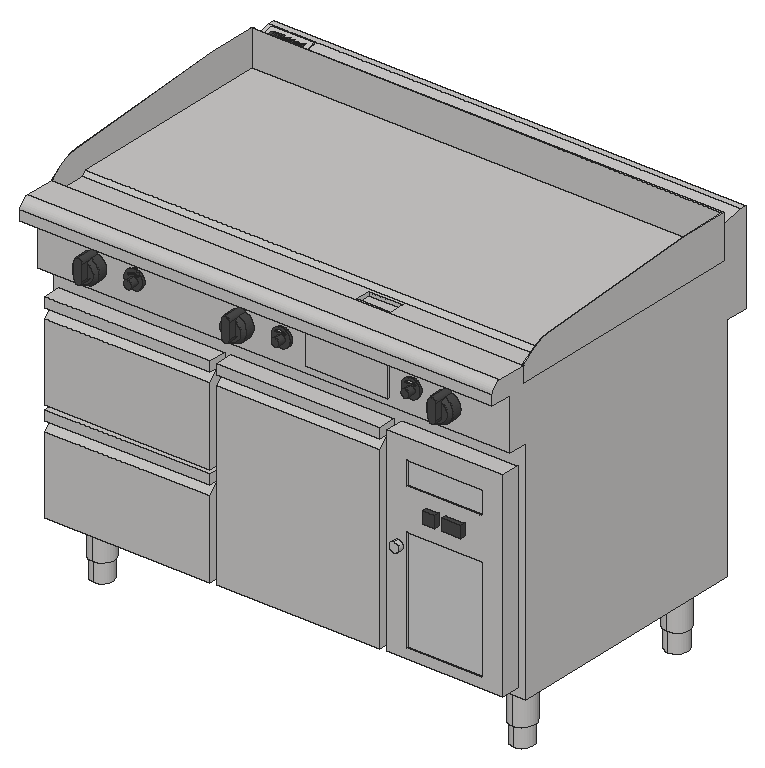
Revit family "QF_MOFFAT WALDORF_GPL8120G-RB", category Specialty Equipment, Revit 2012
Parameters
  Width [instance] = 47.24409"  # constant formula
  Weight in Pounds = 533.518  # constant formula
  Watts = 250 W
  Volts = 240 V
  URL Cutsheet = "www.moffat.com"
  URL = "www.moffat.com"
  Type Mark [instance] = ""
  Status [instance] = ""
  Specification by User [instance] = ""
  Specification by Manufacturer = ""
  Show Logo [instance] = yes
  Show Clearance [instance] = yes
  Show Casters [instance] = no
  Serial Number = ""
  Seismic Rating = ""
  SMACNA No = ""
  Revision Code [instance] = ""
  Refrigerant Type = "R134a"
  Phase = 1
  Omniclass Number and Title = ""
  Number of Poles = 1
  NAFEM Spec ID Number = ""
  Model = "GPL8120G-RB"
  Min Ckt Ampacity = 0 A
  Mechanical Remarks [instance] = ""
  Mechanical Connection Type [instance] = ""
  Max Overcurrent Protection = 0 A
  Masterspec = ""
  Manufacturer = "MOFFAT WALDORF"
  Legs [instance] = not(Show Casters)  # yes
  Item Number [instance] = ""
  Installed By [instance] = ""
  Identify Quantity as Lot [instance] = yes
  Height [instance] = 38.18898"  # constant formula
  HP = ""
  Gas Size = 3/4"
  Gas RI Height [instance] = 0"
  Gas KW [instance] = 30
  Gas Input [instance] = 102364.0 Btu/h
  Gas Connection Height = 0"
  Furnished By [instance] = ""
  Foodservice Equipment Identifier [instance] = yes
  FL Amps = 1.8 A
  Elec Conn RI Height = 0"
  Elec Conn Connection Height = 0"
  Description = "GRIDDLE PLATE LOW SPLASHBACK GAS ON REFRIGERATED BASE"
  Depth [instance] = 31.69291"  # constant formula
  Cycle = 50 Hz
  Conn Plug = ""
  Conn Conduit = yes
  CSI MasterFormat = ""
  CSI Master Format = ""
  Base Height [instance] = 5.90551"
  Apparent Power = if(Phase = 3, Volts * FL Amps * 1.73, Volts * FL Amps)  # 432 VA
Reference planes (in)
  plane 1 "BACK": y = 0
  plane 2: z = 0
  plane 3 "LEFT": x = 0
  plane 4 "RIGHT": x = 47.24409
  plane 5 "FRONT": y = -31.69291
  plane 6 "TOP": z = 38.18898
  plane 7 "Center Y": x = 23.62205
  plane 8 "Center X": y = -15.84646
  plane 9 "Base Height": z = 5.90551
  plane 10: x = 2.55906
  plane 11: x = 44.64567
  plane 12: z = 36.02362
  plane 13: x = 46.49606
  plane 14: x = 36.33858
  plane 15: z = 15.82677
  plane 16: z = 27.95276
  plane 17: y = -5.31496
  plane 18: y = -24.6063
Forms (in)
  Extrusion 1, solid, material "QF_Finishes_Stainless Steel"
    sketch origin (0, 0, 0) x (0, 1, 0) y (0, 0, 1)
      loop
        line (-31.69291, 35.07874) -> (-31.69291, 34.09449) -> (-29.48819, 34.09449) -> (-29.48819, 28.93701) -> (-27.51969, 28.93701) -> (-27.51969, 5.90551) -> (-2.32283, 5.90551) -> (-2.32283, 28.93701) -> (0, 28.93701) -> (0, 38.18898) -> (-0.64209, 38.18898) -> (-2.46403, 37.70079)
        arc (-2.46403, 37.70079) -> (-2.69717, 37.53062) -> (-2.75591, 37.24803) r 0.40149
        line (-2.75591, 37.24803) -> (-2.75591, 34.44882) -> (-27.75591, 34.44882) -> (-27.75591, 36.02362) -> (-30.74803, 36.02362)
        arc (-30.74803, 36.02362) -> (-31.41616, 35.74687) -> (-31.69291, 35.07874) r 0.94488
    from 0 to 47.24409
  Extrusion 2, solid, material "QF_Finishes_Stainless Steel"
    sketch origin (27.75591, 0.11811, 3.93701) x (1, 0, 0) y (0, 1, 0)
      loop
        circle (14.33071, -1.37795) r 0.5315
    from 24.01575 to 25
  Revolve 3, solid, material "QF_Finishes_Black"
    sketch origin (5.90551, 0, 23.61706) x (0, 1, 0) y (0, 0, -1)
      loop
        line (-30.7874, -9.03543) -> (-29.88189, -9.03543) -> (-29.88189, -7.95276) -> (-29.48819, -7.95276) -> (-29.48819, -7.75591) -> (-31.22047, -7.75591) -> (-31.22047, -8.80517) -> (-30.7874, -9.03543)
      axis (-31.22047, -7.75591) -> (-29.48819, -7.75591)
    angle from 0 to 360
  Extrusion 4, solid, material "QF_Finishes_Black"
    sketch origin (11.34919, 0, 23.62328) x (-1, 0, 0) y (0, 0, -1)
      loop
        arc (5.83735, -7.28223) -> (5.44365, -6.88853) -> (5.04995, -7.28223) r 0.3937
        line (5.04995, -7.28223) -> (5.04995, -8.81767)
        arc (5.04995, -8.81767) -> (5.44365, -9.21137) -> (5.83735, -8.81767) r 0.3937
        line (5.83735, -8.81767) -> (5.83735, -7.28223)
    from 29.88189 to 31.81102
  Extrusion 5, solid, material "QF_Finishes_Stainless Steel"
    sketch origin (1.68504, -29.48819, 34.09449) x (0, 0, -1) y (1, 0, 0)
      loop
        line (1.04331, 25.19685) -> (4.4685, 25.19685) -> (4.4685, 33.46457) -> (1.04331, 33.46457) -> (1.04331, 25.19685)
    from 0 to 0.09843
  Extrusion 6, solid, material "QF_Finishes_Stainless Steel"
    sketch origin (1.68504, -29.58661, 34.09449) x (0, 0, -1) y (1, 0, 0)
      loop
        line (1.3189, 33.46457) -> (1.04331, 33.46457) -> (1.04331, 25.19685) -> (1.3189, 25.19685) -> (1.3189, 33.46457)
    from 0 to 0.19685
  Extrusion 7, solid, material "QF_Finishes_Black"
    sketch origin (0, -29.48819, 34.09449) x (0, 0, -1) y (1, 0, 0)
      loop
        circle (2.70669, 9.74409) r 0.94488
      loop
        arc (2.31694, 10.33124) -> (2.00055, 9.749) -> (2.30836, 9.16218) r 0.70345
        arc (2.30836, 9.16218) -> (2.32725, 9.15095) -> (2.34753, 9.15943) r 0.02445
        arc (2.34753, 9.15943) -> (2.40409, 9.26016) -> (2.41764, 9.37489) r 0.29507
        arc (2.41764, 9.37489) -> (2.4096, 9.41142) -> (2.39196, 9.44439) r 0.1367
        arc (2.39196, 9.44439) -> (2.30175, 9.73823) -> (2.38559, 10.03395) r 0.54277
        arc (2.38559, 10.03395) -> (2.41079, 10.08392) -> (2.42122, 10.13891) r 0.20083
        arc (2.42122, 10.13891) -> (2.40663, 10.23806) -> (2.35565, 10.32436) r 0.26029
        arc (2.35565, 10.32436) -> (2.33749, 10.33451) -> (2.31694, 10.33124) r 0.03175
    from 0 to 0.19685
  Extrusion 8, solid, material "QF_Finishes_Black"
    sketch origin (0, -29.68504, 34.09449) x (0, 0, -1) y (1, 0, 0)
      loop
        circle (2.84449, 9.74409) r 0.3937
    from 0 to 0.71853
  Revolve 9, solid, material "QF_Finishes_Black"
    sketch origin (41.33858, 0, 23.61706) x (0, 1, 0) y (0, 0, 1)
      loop
        line (-30.7874, 9.03543) -> (-31.22047, 8.80517) -> (-31.22047, 7.75591) -> (-29.48819, 7.75591) -> (-29.48819, 7.95276) -> (-29.88189, 7.95276) -> (-29.88189, 9.03543) -> (-30.7874, 9.03543)
      axis (-31.22047, 7.75591) -> (-29.48819, 7.75591)
    angle from 0 to 360
  Extrusion 10, solid, material "QF_Finishes_Black"
    sketch origin (35.8949, 0, 23.62328) x (1, 0, 0) y (0, 0, 1)
      loop
        line (5.83735, 7.28223) -> (5.83735, 8.81767)
        arc (5.83735, 8.81767) -> (5.44365, 9.21137) -> (5.04995, 8.81767) r 0.3937
        line (5.04995, 8.81767) -> (5.04995, 7.28223)
        arc (5.04995, 7.28223) -> (5.44365, 6.88853) -> (5.83735, 7.28223) r 0.3937
    from 29.88189 to 31.81102
  Extrusion 11, solid, material "QF_Finishes_Black"
    sketch origin (47.24409, -29.48819, 34.09449) x (0, 0, -1) y (1, 0, 0)
      loop
        circle (2.70669, -9.74409) r 0.94488
      loop
        arc (2.31694, -10.33124) -> (2.33749, -10.33451) -> (2.35565, -10.32436) r 0.03175
        arc (2.35565, -10.32436) -> (2.40663, -10.23806) -> (2.42122, -10.13891) r 0.26029
        arc (2.42122, -10.13891) -> (2.41079, -10.08392) -> (2.38559, -10.03395) r 0.20083
        arc (2.38559, -10.03395) -> (2.30175, -9.73823) -> (2.39196, -9.44439) r 0.54277
        arc (2.39196, -9.44439) -> (2.4096, -9.41142) -> (2.41764, -9.37489) r 0.1367
        arc (2.41764, -9.37489) -> (2.40409, -9.26016) -> (2.34753, -9.15943) r 0.29507
        arc (2.34753, -9.15943) -> (2.32725, -9.15095) -> (2.30836, -9.16218) r 0.02445
        arc (2.30836, -9.16218) -> (2.00055, -9.749) -> (2.31694, -10.33124) r 0.70345
    from 0 to 0.19685
  Extrusion 12, solid, material "QF_Finishes_Black"
    sketch origin (47.24409, -29.68504, 34.09449) x (0, 0, -1) y (1, 0, 0)
      loop
        circle (2.84449, -9.74409) r 0.3937
    from 0 to 0.71853
  Revolve 13, solid, material "QF_Finishes_Black"
    sketch origin (20.66929, 0, 23.61706) x (0, 1, 0) y (0, 0, -1)
      loop
        line (-30.7874, -9.03543) -> (-29.88189, -9.03543) -> (-29.88189, -7.95276) -> (-29.48819, -7.95276) -> (-29.48819, -7.75591) -> (-31.22047, -7.75591) -> (-31.22047, -8.80517) -> (-30.7874, -9.03543)
      axis (-31.22047, -7.75591) -> (-29.48819, -7.75591)
    angle from 0 to 360
  Extrusion 14, solid, material "QF_Finishes_Black"
    sketch origin (26.11297, 0, 23.62328) x (-1, 0, 0) y (0, 0, -1)
      loop
        arc (5.83735, -7.28223) -> (5.44365, -6.88853) -> (5.04995, -7.28223) r 0.3937
        line (5.04995, -7.28223) -> (5.04995, -8.81767)
        arc (5.04995, -8.81767) -> (5.44365, -9.21137) -> (5.83735, -8.81767) r 0.3937
        line (5.83735, -8.81767) -> (5.83735, -7.28223)
    from 29.88189 to 31.81102
  Extrusion 15, solid, material "QF_Finishes_Black"
    sketch origin (14.76378, -29.48819, 34.09449) x (0, 0, -1) y (1, 0, 0)
      loop
        circle (2.70669, 9.74409) r 0.94488
      loop
        arc (2.31694, 10.33124) -> (2.00055, 9.749) -> (2.30836, 9.16218) r 0.70345
        arc (2.30836, 9.16218) -> (2.32725, 9.15095) -> (2.34753, 9.15943) r 0.02445
        arc (2.34753, 9.15943) -> (2.40409, 9.26016) -> (2.41764, 9.37489) r 0.29507
        arc (2.41764, 9.37489) -> (2.4096, 9.41142) -> (2.39196, 9.44439) r 0.1367
        arc (2.39196, 9.44439) -> (2.30175, 9.73823) -> (2.38559, 10.03395) r 0.54277
        arc (2.38559, 10.03395) -> (2.41079, 10.08392) -> (2.42122, 10.13891) r 0.20083
        arc (2.42122, 10.13891) -> (2.40663, 10.23806) -> (2.35565, 10.32436) r 0.26029
        arc (2.35565, 10.32436) -> (2.33749, 10.33451) -> (2.31694, 10.33124) r 0.03175
    from 0 to 0.19685
  Extrusion 16, solid, material "QF_Finishes_Black"
    sketch origin (14.76378, -29.68504, 34.09449) x (0, 0, -1) y (1, 0, 0)
      loop
        circle (2.84449, 9.74409) r 0.3937
    from 0 to 0.71853
  Revolve 17, solid, material "QF_Finishes_Stainless Steel", visible <- "Legs"
    sketch origin (44.6063, -9.64567, 0) x (0, 1, 0) y (0, 0, -1)
      loop
        line (3.08071, -5.90551) -> (4.33071, -5.90551) -> (4.33071, 0) -> (3.24803, 0) -> (3.24803, -1.9685) -> (3.08071, -1.9685) -> (3.08071, -5.90551)
      axis (4.33071, -5.90551) -> (4.33071, 0)
    angle from 0 to 360
  Revolve 18, solid, material "QF_Finishes_Stainless Steel"
    sketch origin (44.6063, -28.93701, 0) x (0, 1, 0) y (0, 0, -1)
      loop
        line (3.08071, -5.90551) -> (4.33071, -5.90551) -> (4.33071, 0) -> (3.24803, 0) -> (3.24803, -1.9685) -> (3.08071, -1.9685) -> (3.08071, -5.90551)
      axis (4.33071, -5.90551) -> (4.33071, 0)
    angle from 0 to 360
  Revolve 19, solid, material "QF_Finishes_Stainless Steel", visible <- "Legs"
    sketch origin (2.55906, -9.64567, 0) x (0, 1, 0) y (0, 0, -1)
      loop
        line (3.08071, -5.90551) -> (4.33071, -5.90551) -> (4.33071, 0) -> (3.24803, 0) -> (3.24803, -1.9685) -> (3.08071, -1.9685) -> (3.08071, -5.90551)
      axis (4.33071, -5.90551) -> (4.33071, 0)
    angle from 0 to 360
  Revolve 20, solid, material "QF_Finishes_Stainless Steel"
    sketch origin (2.55906, -28.93701, 0) x (0, 1, 0) y (0, 0, -1)
      loop
        line (3.08071, -5.90551) -> (4.33071, -5.90551) -> (4.33071, 0) -> (3.24803, 0) -> (3.24803, -1.9685) -> (3.08071, -1.9685) -> (3.08071, -5.90551)
      axis (4.33071, -5.90551) -> (4.33071, 0)
    angle from 0 to 360
  Extrusion 21, solid, material "QF_Finishes_Stainless Steel"
    sketch origin (0, 0, 0) x (0, 1, 0) y (0, 0, 1)
      loop
        line (-29.50787, 26.64567) -> (-29.50787, 25.66142) -> (-28.52362, 25.66142) -> (-29.50787, 24.67717) -> (-29.50787, 16.92126) -> (-27.74331, 16.92126) -> (-27.74331, 26.64567) -> (-29.50787, 26.64567)
      loop
        line (-29.50787, 16.52756) -> (-29.50787, 15.54331) -> (-28.52362, 15.54331) -> (-29.50787, 14.55906) -> (-29.50787, 6.80315) -> (-27.74331, 6.80315) -> (-27.74331, 16.52756) -> (-29.50787, 16.52756)
    from 0.74803 to 17.28346
  Extrusion 22, solid, material "QF_Finishes_Stainless Steel"
    sketch origin (0, -27.51969, 28.93701) x (0, 0, 1) y (-1, 0, 0)
      loop
        line (-2.29134, -46.49606) -> (-2.29134, -34.92126) -> (-22.13386, -34.92126) -> (-22.13386, -46.49606) -> (-2.29134, -46.49606)
      loop
        line (-21.14961, -44.52756) -> (-10.71654, -44.52756) -> (-10.71654, -36.88976) -> (-21.14961, -36.88976) -> (-21.14961, -44.52756)
      loop
        line (-4.25984, -44.52756) -> (-4.25984, -36.88976) -> (-6.62205, -36.88976) -> (-6.62205, -44.52756) -> (-4.25984, -44.52756)
    from 0 to 1.88976
  Extrusion 23, solid, material "QF_Finishes_Vents"
    sketch origin (0, -27.51969, 28.93701) x (0, 0, -1) y (-1, 0, 0)
      loop
        line (6.62205, -36.88976) -> (4.25984, -36.88976) -> (4.25984, -44.52756) -> (6.62205, -44.52756) -> (6.62205, -36.88976)
      loop
        line (10.71654, -36.88976) -> (10.71654, -44.52756) -> (21.14961, -44.52756) -> (21.14961, -36.88976) -> (10.71654, -36.88976)
    from 0 to -1.75312
  Extrusion 24, solid, material "QF_Door-Drawer Clearances", visible <- "Show Clearance", detail levels coarse
    sketch origin (0, -29.50787, 6.80315) x (0, 0, 1) y (-1, 0, 0)
      loop
        line (0, -0.74803) -> (0, -17.28346) -> (9.72441, -17.28346) -> (9.72441, -0.74803) -> (0, -0.74803)
      loop
        line (10.11811, -0.74803) -> (10.11811, -17.28346) -> (19.84252, -17.28346) -> (19.84252, -0.74803) -> (10.11811, -0.74803)
    from 0 to 12
  Extrusion 25, solid, material "QF_Finishes_Stainless Steel"
    sketch origin (47.24409, 0, 0) x (0, -1, 0) y (0, 0, 1)
      loop
        line (27.74331, 6.80315) -> (29.50787, 6.80315) -> (29.50787, 24.67717) -> (28.52362, 25.66142) -> (29.50787, 25.66142) -> (29.50787, 26.64567) -> (27.74331, 26.64567) -> (27.74331, 6.80315)
    from 13.02638 to 29.31027
  Extrusion 26, solid, material "QF_Door-Drawer Clearances", visible <- "Show Clearance", detail levels coarse
    sketch origin (47.24409, -29.50787, 6.80315) x (1, 0, 0) y (0, -1, 0)
      loop
        line (-29.31027, 0) -> (-13.02638, 0) -> (-13.02638, 16.28388)
        arc (-13.02638, 16.28388) -> (-24.54083, 11.51444) -> (-29.31027, 0) r 16.28388
    from 0 to -19.84252
  Extrusion 27, solid, material "QF_Finishes_Black"
    sketch origin (0, -29.40945, 28.93701) x (0, 0, 1) y (-1, 0, 0)
      loop
        line (-7.93148, -38.87506) -> (-9.11259, -38.87506) -> (-9.11259, -40.05616) -> (-7.93148, -40.05616) -> (-7.93148, -38.87506)
      loop
        line (-7.93148, -40.74816) -> (-9.11259, -40.74816) -> (-9.11259, -42.65021) -> (-7.93148, -42.65021) -> (-7.93148, -40.74816)
    from 0 to 0.5
  Extrusion 28, solid, material "QF_Finishes_Stainless Steel"
    sketch origin (0, -29.40945, 28.93701) x (0, 0, 1) y (-1, 0, 0)
      loop
        circle (-12.21375, -36.01796) r 0.488
    from 0 to 0.5
  Extrusion 29, solid, material "QF_Finishes_Stainless Steel"
    sketch origin (0, 0, 28.93701) x (0, 0, 1) y (1, 0, 0)
      loop
        circle (-13.11024, 36.33858) r 0.5315
    from 0 to 0.12598
Cuts and joins
  joined: Extrusion 5, Extrusion 6
Lines and regions (in)
  Split face 1
    outline origin (0, -2.46403, 37.70079) x (0, 0.965926, 0.258819) y (-1, 0, 0)
      loop
        line (1.70073, -6.07504) -> (0.47589, -6.07504) -> (0.47589, -6.86244) -> (1.70073, -6.86244) -> (1.70073, -6.07504)
  Split face 2
    outline origin (1.9685, -2.46403, 37.70079) x (0, 0.965926, 0.258819) y (-1, 0, 0)
      loop
        line (1.70073, -6.07504) -> (0.47589, -6.07504) -> (0.47589, -6.86244) -> (1.70073, -6.86244) -> (1.70073, -6.07504)
  Split face 3
    outline origin (3.93701, -2.46403, 37.70079) x (0, 0.965926, 0.258819) y (-1, 0, 0)
      loop
        line (1.70073, -6.07504) -> (0.47589, -6.07504) -> (0.47589, -6.86244) -> (1.70073, -6.86244) -> (1.70073, -6.07504)
  Split face 4
    outline origin (5.90551, -2.46403, 37.70079) x (0, 0.965926, 0.258819) y (-1, 0, 0)
      loop
        line (1.70073, -6.07504) -> (0.47589, -6.07504) -> (0.47589, -6.86244) -> (1.70073, -6.86244) -> (1.70073, -6.07504)
  Split face 5
    outline origin (7.87402, -2.46403, 37.70079) x (0, 0.965926, 0.258819) y (-1, 0, 0)
      loop
        line (1.70073, -6.07504) -> (0.47589, -6.07504) -> (0.47589, -6.86244) -> (1.70073, -6.86244) -> (1.70073, -6.07504)
  Split face 6
    outline origin (9.84252, -2.46403, 37.70079) x (0, 0.965926, 0.258819) y (-1, 0, 0)
      loop
        line (1.70073, -6.07504) -> (0.47589, -6.07504) -> (0.47589, -6.86244) -> (1.70073, -6.86244) -> (1.70073, -6.07504)
  Split face 7
    outline origin (11.91449, -2.46403, 37.70079) x (0, 0.965926, 0.258819) y (-1, 0, 0)
      loop
        line (1.70073, -6.07504) -> (0.47589, -6.07504) -> (0.47589, -6.86244) -> (1.70073, -6.86244) -> (1.70073, -6.07504)
  Split face 8
    outline origin (13.88299, -2.46403, 37.70079) x (0, 0.965926, 0.258819) y (-1, 0, 0)
      loop
        line (1.70073, -6.07504) -> (0.47589, -6.07504) -> (0.47589, -6.86244) -> (1.70073, -6.86244) -> (1.70073, -6.07504)
  Split face 9
    outline origin (15.8515, -2.46403, 37.70079) x (0, 0.965926, 0.258819) y (-1, 0, 0)
      loop
        line (1.70073, -6.07504) -> (0.47589, -6.07504) -> (0.47589, -6.86244) -> (1.70073, -6.86244) -> (1.70073, -6.07504)
  Split face 10
    outline origin (17.82, -2.46403, 37.70079) x (0, 0.965926, 0.258819) y (-1, 0, 0)
      loop
        line (1.70073, -6.07504) -> (0.47589, -6.07504) -> (0.47589, -6.86244) -> (1.70073, -6.86244) -> (1.70073, -6.07504)
  Split face 11
    outline origin (19.78851, -2.46403, 37.70079) x (0, 0.965926, 0.258819) y (-1, 0, 0)
      loop
        line (1.70073, -6.07504) -> (0.47589, -6.07504) -> (0.47589, -6.86244) -> (1.70073, -6.86244) -> (1.70073, -6.07504)
  Split face 12
    outline origin (21.75701, -2.46403, 37.70079) x (0, 0.965926, 0.258819) y (-1, 0, 0)
      loop
        line (1.70073, -6.07504) -> (0.47589, -6.07504) -> (0.47589, -6.86244) -> (1.70073, -6.86244) -> (1.70073, -6.07504)
  Split face 13
    outline origin (23.72551, -2.46403, 37.70079) x (0, 0.965926, 0.258819) y (-1, 0, 0)
      loop
        line (1.70073, -6.07504) -> (0.47589, -6.07504) -> (0.47589, -6.86244) -> (1.70073, -6.86244) -> (1.70073, -6.07504)
  Split face 14
    outline origin (25.71862, -2.46403, 37.70079) x (0, 0.965926, 0.258819) y (-1, 0, 0)
      loop
        line (1.70073, -6.07504) -> (0.47589, -6.07504) -> (0.47589, -6.86244) -> (1.70073, -6.86244) -> (1.70073, -6.07504)
  Split face 15
    outline origin (27.69943, -2.46403, 37.70079) x (0, 0.965926, 0.258819) y (-1, 0, 0)
      loop
        line (1.70073, -6.07504) -> (0.47589, -6.07504) -> (0.47589, -6.86244) -> (1.70073, -6.86244) -> (1.70073, -6.07504)
  symbolic lines, visible <- "Show Logo"
    curve 1: line (0.49213, -2.13328, 0) -> (0.49213, -0.83067, 0)
    curve 2: line (4.78346, -0.83067, 0) -> (4.78346, -2.13328, 0)
    curve 3: line (0.49213, -0.83067, 0) -> (4.78346, -0.83067, 0)
    curve 4: line (0.49213, -2.13328, 0) -> (4.78346, -2.13328, 0)
  symbolic lines
    curve 5: line (6.08514, -1.99931, 0) -> (6.08514, -0.82613, 0)
    curve 6: line (6.08514, -0.82613, 0) -> (6.87254, -0.82613, 0)
    curve 7: line (6.87254, -0.82613, 0) -> (6.87254, -1.99931, 0)
    curve 8: line (6.87254, -1.99931, 0) -> (6.08514, -1.99931, 0)
    curve 9: line (8.05364, -0.82613, 0) -> (8.05364, -1.99931, 0)
    curve 10: line (8.05364, -1.99931, 0) -> (8.84104, -1.99931, 0)
    curve 11: line (8.84104, -1.99931, 0) -> (8.84104, -0.82613, 0)
    curve 12: line (8.84104, -0.82613, 0) -> (8.05364, -0.82613, 0)
    curve 13: line (10.02215, -0.82613, 0) -> (10.02215, -1.99931, 0)
    curve 14: line (10.02215, -1.99931, 0) -> (10.80955, -1.99931, 0)
    curve 15: line (10.80955, -1.99931, 0) -> (10.80955, -0.82613, 0)
    curve 16: line (10.80955, -0.82613, 0) -> (10.02215, -0.82613, 0)
    curve 17: line (0, -31.69291, 0) -> (47.24409, -31.69291, 0)
    curve 18: line (0, 0, 0) -> (0, -31.69291, 0)
    curve 19: line (47.24409, 0, 0) -> (0, 0, 0)
    curve 20: line (0, -2.75591, 0) -> (47.24409, -2.75591, 0)
    curve 21: line (47.24409, -27.75591, 0) -> (0, -27.75591, 0)
    curve 22: line (11.99065, -0.82613, 0) -> (11.99065, -1.99931, 0)
    curve 23: line (11.99065, -1.99931, 0) -> (12.77805, -1.99931, 0)
    curve 24: line (12.77805, -1.99931, 0) -> (12.77805, -0.82613, 0)
    curve 25: line (12.77805, -0.82613, 0) -> (11.99065, -0.82613, 0)
    curve 26: line (13.95915, -0.82613, 0) -> (13.95915, -1.99931, 0)
    curve 27: line (13.95915, -1.99931, 0) -> (14.74656, -1.99931, 0)
    curve 28: line (14.74656, -1.99931, 0) -> (14.74656, -0.82613, 0)
    curve 29: line (14.74656, -0.82613, 0) -> (13.95915, -0.82613, 0)
    curve 30: line (15.92766, -0.82613, 0) -> (15.92766, -1.99931, 0)
    curve 31: line (15.92766, -1.99931, 0) -> (16.71506, -1.99931, 0)
    curve 32: line (16.71506, -1.99931, 0) -> (16.71506, -0.82613, 0)
    curve 33: line (16.71506, -0.82613, 0) -> (15.92766, -0.82613, 0)
    curve 34: line (17.99459, -0.82613, 0) -> (17.99459, -1.99931, 0)
    curve 35: line (17.99459, -1.99931, 0) -> (18.78199, -1.99931, 0)
    curve 36: line (18.78199, -1.99931, 0) -> (18.78199, -0.82613, 0)
    curve 37: line (18.78199, -0.82613, 0) -> (17.99459, -0.82613, 0)
    curve 38: line (19.96309, -0.82613, 0) -> (19.96309, -1.99931, 0)
    curve 39: line (19.96309, -1.99931, 0) -> (20.75049, -1.99931, 0)
    curve 40: line (20.75049, -1.99931, 0) -> (20.75049, -0.82613, 0)
    curve 41: line (20.75049, -0.82613, 0) -> (19.96309, -0.82613, 0)
    curve 42: line (21.93159, -1.99931, 0) -> (22.719, -1.99931, 0)
    curve 43: line (22.719, -1.99931, 0) -> (22.719, -0.82613, 0)
    curve 44: line (22.719, -0.82613, 0) -> (21.93159, -0.82613, 0)
    curve 45: line (21.93159, -0.82613, 0) -> (21.93159, -1.99931, 0)
    curve 46: line (23.9001, -1.99931, 0) -> (24.6875, -1.99931, 0)
    curve 47: line (24.6875, -1.99931, 0) -> (24.6875, -0.82613, 0)
    curve 48: line (24.6875, -0.82613, 0) -> (23.9001, -0.82613, 0)
    curve 49: line (23.9001, -0.82613, 0) -> (23.9001, -1.99931, 0)
    curve 50: line (26.656, -1.99931, 0) -> (25.8686, -1.99931, 0)
    curve 51: line (25.8686, -1.99931, 0) -> (25.8686, -0.82613, 0)
    curve 52: line (25.8686, -0.82613, 0) -> (26.656, -0.82613, 0)
    curve 53: line (26.656, -0.82613, 0) -> (26.656, -1.99931, 0)
    curve 54: line (27.83711, -1.99931, 0) -> (28.62451, -1.99931, 0)
    curve 55: line (28.62451, -1.99931, 0) -> (28.62451, -0.82613, 0)
    curve 56: line (28.62451, -0.82613, 0) -> (27.83711, -0.82613, 0)
    curve 57: line (27.83711, -0.82613, 0) -> (27.83711, -1.99931, 0)
    curve 58: line (29.80561, -1.99931, 0) -> (30.59301, -1.99931, 0)
    curve 59: line (30.59301, -1.99931, 0) -> (30.59301, -0.82613, 0)
    curve 60: line (30.59301, -0.82613, 0) -> (29.80561, -0.82613, 0)
    curve 61: line (29.80561, -0.82613, 0) -> (29.80561, -1.99931, 0)
    curve 62: line (31.80356, -1.99931, 0) -> (32.59096, -1.99931, 0)
    curve 63: line (32.59096, -1.99931, 0) -> (32.59096, -0.82613, 0)
    curve 64: line (32.59096, -0.82613, 0) -> (31.80356, -0.82613, 0)
    curve 65: line (31.80356, -0.82613, 0) -> (31.80356, -1.99931, 0)
    curve 66: line (33.77207, -1.99931, 0) -> (34.55947, -1.99931, 0)
    curve 67: line (34.55947, -1.99931, 0) -> (34.55947, -0.82613, 0)
    curve 68: line (34.55947, -0.82613, 0) -> (33.77207, -0.82613, 0)
    curve 69: line (33.77207, -0.82613, 0) -> (33.77207, -1.99931, 0)
    curve 75: line (47.24409, -31.69291, 0) -> (47.24409, 0, 0)
  symbolic lines, style "QF_Door-Drawer Clearances"
    curve 70: line (0.74803, -31.69291, 5.90551) -> (0.74803, -41.50787, 5.90551)
    curve 71: line (0.74803, -41.50787, 5.90551) -> (17.28346, -41.50787, 5.90551)
    curve 72: line (17.28346, -41.50787, 5.90551) -> (17.28346, -31.69291, 5.90551)
    curve 73: line (31.09715, -31.69291, 5.90551) -> (20.87874, -38.84793, 5.90551)
    curve 74: arc (20.87874, -38.84793, 5.90551) -> (19.05497, -35.44557, 5.90551) -> (18.08335, -31.70951, 5.90551) r 16.28388
Dimensions and locks (in)
  equal spacing: plane 3 "LEFT", plane 7 "Center Y", plane 4 "RIGHT"
  "Width": plane 3 "LEFT" to plane 4 "RIGHT"
  equal spacing: plane 5 "FRONT", plane 8 "Center X", plane 1 "BACK"
  "Depth": plane 5 "FRONT" to plane 1 "BACK"
  "Base Height": plane 9 "Base Height" to level
  plane 11 to plane 10 = 42.08661"
  plane 6 "TOP" to level = 38.18898"
  plane 12 to level = 36.02362"
  Extrusion 22 sketch curve to Extrusion 22 sketch curve = 11.5748"
  plane 14 to plane 4 "RIGHT" = 10.90551"
  plane 15 to level = 15.82677"
  plane 16 to level = 27.95276"
  plane 18 to plane 17 = 19.29134"
  aligned and locked: level to plane 2
Automatic sketch dimensions
  curve 17 to plane 3 "LEFT" = 0"
  curve 21 to plane 4 "RIGHT" = 0"
  plane 5 "FRONT" to curve 75 = 0"
  plane 1 "BACK" to curve 19 = 0"
  plane 3 "LEFT" to curve 1 = 0.49213"
  plane 10 to curve 4 = 2.22441"
  curve 2 to curve 6 = 1.30167"
  curve 5 to curve 8 = 0.7874"
  curve 6 to curve 12 = 1.1811"
  curve 9 to curve 10 = 0.7874"
  curve 11 to curve 16 = 1.1811"
  curve 13 to curve 15 = 0.7874"
  curve 15 to curve 22 = 1.1811"
  curve 22 to curve 24 = 0.7874"
  curve 23 to curve 26 = 1.1811"
  curve 26 to curve 27 = 0.7874"
  curve 28 to curve 33 = 1.1811"
  curve 30 to curve 32 = 0.7874"
  curve 31 to curve 34 = 1.27953"
  curve 34 to curve 36 = 0.7874"
  curve 35 to curve 38 = 1.1811"
  curve 38 to curve 41 = 0.7874"
  curve 39 to curve 45 = 1.1811"
  curve 44 to curve 44 = 0.7874"
  plane 7 "Center Y" to curve 49 = 0.27805"
  curve 48 to curve 48 = 0.7874"
  curve 47 to curve 52 = 1.1811"
  curve 51 to curve 52 = 0.7874"
  curve 52 to curve 56 = 1.1811"
  curve 56 to curve 56 = 0.7874"
  curve 54 to curve 61 = 1.1811"
  curve 60 to curve 60 = 0.7874"
  curve 59 to curve 65 = 1.21055"
  curve 64 to curve 64 = 0.7874"
  curve 62 to curve 69 = 1.1811"
  curve 66 to curve 66 = 0.7874"
  curve 21 to plane 18 = 3.14961"
  plane 17 to curve 20 = 2.55906"
  plane 1 "BACK" to curve 2 = 2.13328"
  plane 1 "BACK" to curve 8 = 1.99931"
  plane 1 "BACK" to curve 62 = 1.99931"
  curve 7 to curve 9 = 0"
  curve 61 to curve 62 = 0"
  curve 10 to curve 13 = 0"
  curve 57 to curve 58 = 0"
  curve 62 to curve 66 = 0"
  curve 53 to curve 54 = 0"
  curve 14 to curve 22 = 0"
  curve 49 to curve 50 = 0"
  curve 23 to curve 26 = 0"
  curve 45 to curve 46 = 0"
  curve 27 to curve 30 = 0"
  curve 40 to curve 42 = 0"
  curve 31 to curve 34 = 0"
  plane 1 "BACK" to curve 1 = 0.83067"
  plane 1 "BACK" to curve 34 = 0.82613"
  plane 1 "BACK" to curve 33 = 0.82613"
  plane 1 "BACK" to curve 40 = 0.82613"
  plane 1 "BACK" to curve 29 = 0.82613"
  plane 1 "BACK" to curve 43 = 0.82613"
  plane 1 "BACK" to curve 25 = 0.82613"
  plane 1 "BACK" to curve 47 = 0.82613"
  plane 1 "BACK" to curve 51 = 0.82613"
  plane 1 "BACK" to curve 69 = 0.82613"
  plane 1 "BACK" to curve 16 = 0.82613"
  plane 1 "BACK" to curve 55 = 0.82613"
  plane 1 "BACK" to curve 12 = 0.82613"
  plane 1 "BACK" to curve 59 = 0.82613"
  plane 1 "BACK" to curve 7 = 0.82613"
  plane 1 "BACK" to curve 63 = 0.82613"
  Extrusion 1 sketch curve to plane 5 "FRONT" = 0"
  Extrusion 1 sketch curve to plane 12 = 0"
  Extrusion 1 sketch curve to plane 9 "Base Height" = 0"
  Extrusion 1 sketch curve to plane 6 "TOP" = 0"
  Extrusion 1 sketch curve to plane 1 "BACK" = 0"
  Extrusion 1 sketch curve to plane 5 "FRONT" = 0.94488"
  plane 16 to Extrusion 1 sketch curve = 0.98425"  (x2)
  Extrusion 1 sketch curve to plane 5 "FRONT" = 2.20472"
  Extrusion 1 sketch curve to Extrusion 1 sketch curve = 1.73228"
  Extrusion 1 sketch curve to plane 18 = 2.91339"
  plane 17 to Extrusion 1 sketch curve = 2.55906"
  Extrusion 1 sketch curve to Extrusion 1 sketch curve = 0.29187"
  Extrusion 1 sketch curve to Extrusion 1 sketch curve = 0.39619"
  plane 1 "BACK" to Extrusion 1 sketch curve = 2.32283"
  plane 1 "BACK" to Extrusion 1 sketch curve = 0.64209"
  Extrusion 1 sketch curve to Extrusion 1 sketch curve = 0.98425"
  Extrusion 1 sketch curve to plane 12 = 1.5748"
  Extrusion 1 sketch curve to plane 6 "TOP" = 0.94094"
  Extrusion 1 sketch curve to Extrusion 1 sketch curve = 0.06505"
  plane 1 "BACK" to Extrusion 2 sketch curve = 1.25984"
  plane 11 to Extrusion 2 sketch curve = 2.55906"
  Revolve 3 sketch curve to plane 5 "FRONT" = 0.47244"
  Revolve 3 sketch curve to Revolve 3 sketch curve = 0"  (x2)
  Revolve 3 sketch curve to Revolve 3 sketch curve = 0.43307"
  Revolve 3 sketch curve to Revolve 3 sketch curve = 1/2"
  Revolve 3 sketch curve to Revolve 3 sketch curve = 0.90551"
  Revolve 3 sketch curve to Revolve 3 sketch curve = 0.3937"
  Revolve 3 sketch curve to plane 12 = 3.37112"
  Revolve 3 sketch curve to Revolve 3 sketch curve = 0.23027"
  Revolve 3 sketch curve to Revolve 3 sketch curve = 1.08268"
  Revolve 3 sketch curve to Revolve 3 sketch curve = 0.19685"
  plane 10 to Extrusion 4 sketch curve = 3.74019"
  Extrusion 4 sketch curve to Extrusion 4 sketch curve = 0.3937"
  Extrusion 4 sketch curve to plane 12 = 3.58268"
  Extrusion 4 sketch curve to Extrusion 4 sketch curve = 1.53543"
  Extrusion 1 to Extrusion 5 sketch curve = 1.04331"
  Extrusion 5 sketch curve to Extrusion 1 = 0.68898"
  Extrusion 1 to Extrusion 5 sketch curve = 20.3622"
  Extrusion 5 sketch curve to Extrusion 5 sketch curve = 8.26772"
  Extrusion 6 sketch curve to Extrusion 5 = 0"  (x2)
  Extrusion 5 to Extrusion 6 sketch curve = 0"
  Extrusion 6 sketch curve to Extrusion 6 sketch curve = 0.27559"
  Extrusion 1 to Extrusion 7 sketch curve = 2.1235"
  Extrusion 7 sketch curve to Extrusion 7 sketch curve = 0.03772"
  Extrusion 7 sketch curve to Extrusion 7 sketch curve = 0.0594"
  Extrusion 7 sketch curve to Extrusion 7 sketch curve = 0.15788"
  Extrusion 7 sketch curve to Extrusion 7 sketch curve = 0.02698"
  Extrusion 7 sketch curve to Extrusion 7 sketch curve = 0.09632"
  Extrusion 7 sketch curve to Extrusion 7 sketch curve = 0.02061"
  Extrusion 7 sketch curve to Extrusion 7 sketch curve = 0.015"
  Extrusion 7 sketch curve to Extrusion 7 sketch curve = 0.01857"
  Extrusion 7 sketch curve to Extrusion 7 sketch curve = 0"  (x5)
  Extrusion 7 sketch curve to Extrusion 7 sketch curve = 0.02372"
  Extrusion 7 sketch curve to Extrusion 7 sketch curve = 0.16497"
  Extrusion 7 sketch curve to Extrusion 7 sketch curve = 0.11058"
  Extrusion 7 sketch curve to Extrusion 7 sketch curve = 0.02568"
  Extrusion 7 sketch curve to Extrusion 7 sketch curve = 0.03563"
  Extrusion 7 sketch curve to Extrusion 7 sketch curve = 0.31839"
  Extrusion 7 sketch curve to Extrusion 7 sketch curve = 0.00271"
  Extrusion 7 sketch curve to Extrusion 7 sketch curve = 0.1378"
  Extrusion 1 to Extrusion 7 sketch curve = 9.15943"
  Extrusion 7 sketch curve to Extrusion 7 sketch curve = 0.00276"
  Extrusion 7 sketch curve to Extrusion 7 sketch curve = 0.29944"
  Extrusion 7 sketch curve to Extrusion 7 sketch curve = 0.00026"
  Revolve 9 sketch curve to plane 5 "FRONT" = 0.47244"
  Revolve 9 sketch curve to Revolve 9 sketch curve = 0"  (x2)
  Revolve 9 sketch curve to Revolve 9 sketch curve = 0.43307"
  Revolve 9 sketch curve to Revolve 9 sketch curve = 1/2"
  Revolve 9 sketch curve to Revolve 9 sketch curve = 0.90551"
  Revolve 9 sketch curve to Revolve 9 sketch curve = 0.3937"
  plane 16 to Revolve 9 sketch curve = 3.42021"
  Revolve 9 sketch curve to Revolve 9 sketch curve = 0.19685"
  Revolve 9 sketch curve to Revolve 9 sketch curve = 1.04926"
  Revolve 9 sketch curve to Revolve 9 sketch curve = 0.23027"
  plane 11 to Extrusion 10 sketch curve = 3.70082"
  Extrusion 10 sketch curve to Extrusion 10 sketch curve = 0.3937"
  plane 16 to Extrusion 10 sketch curve = 2.95276"
  Extrusion 10 sketch curve to Extrusion 10 sketch curve = 1.53543"
  Extrusion 1 to Extrusion 11 sketch curve = 2.1235"
  Extrusion 11 sketch curve to Extrusion 11 sketch curve = 0.03772"
  Extrusion 11 sketch curve to Extrusion 11 sketch curve = 0.0594"
  Extrusion 11 sketch curve to Extrusion 11 sketch curve = 0.15788"
  Extrusion 11 sketch curve to Extrusion 11 sketch curve = 0.02698"
  Extrusion 11 sketch curve to Extrusion 11 sketch curve = 0.09632"
  Extrusion 11 sketch curve to Extrusion 11 sketch curve = 0.02061"
  Extrusion 11 sketch curve to Extrusion 11 sketch curve = 0.015"
  Extrusion 11 sketch curve to Extrusion 11 sketch curve = 0.01857"
  Extrusion 11 sketch curve to Extrusion 11 sketch curve = 0"  (x5)
  Extrusion 11 sketch curve to Extrusion 11 sketch curve = 0.02372"
  Extrusion 11 sketch curve to Extrusion 11 sketch curve = 0.16497"
  Extrusion 11 sketch curve to Extrusion 11 sketch curve = 0.11058"
  Extrusion 11 sketch curve to Extrusion 11 sketch curve = 0.02568"
  Extrusion 11 sketch curve to Extrusion 11 sketch curve = 0.03563"
  Extrusion 11 sketch curve to Extrusion 11 sketch curve = 0.31839"
  Extrusion 11 sketch curve to Extrusion 11 sketch curve = 0.00271"
  Extrusion 11 sketch curve to Extrusion 11 sketch curve = 0.1378"
  Extrusion 1 to Extrusion 11 sketch curve = 10.33124"
  Extrusion 11 sketch curve to Extrusion 11 sketch curve = 0.00688"
  Extrusion 11 sketch curve to Extrusion 11 sketch curve = 0.28986"
  Extrusion 11 sketch curve to Extrusion 11 sketch curve = 0.00026"
  Revolve 13 sketch curve to plane 5 "FRONT" = 0.47244"
  Revolve 13 sketch curve to Revolve 13 sketch curve = 0"  (x2)
  Revolve 13 sketch curve to Revolve 13 sketch curve = 0.43307"
  Revolve 13 sketch curve to Revolve 13 sketch curve = 1/2"
  Revolve 13 sketch curve to Revolve 13 sketch curve = 0.90551"
  Revolve 13 sketch curve to Revolve 13 sketch curve = 0.3937"
  Revolve 13 sketch curve to plane 12 = 3.37112"
  Revolve 13 sketch curve to Revolve 13 sketch curve = 0.23027"
  Revolve 13 sketch curve to Revolve 13 sketch curve = 1.08268"
  Revolve 13 sketch curve to Revolve 13 sketch curve = 0.19685"
  Extrusion 14 sketch curve to plane 7 "Center Y" = 2.55903"
  Extrusion 14 sketch curve to Extrusion 14 sketch curve = 0.3937"
  Extrusion 14 sketch curve to plane 12 = 3.58268"
  Extrusion 14 sketch curve to Extrusion 14 sketch curve = 1.53543"
  Extrusion 1 to Extrusion 15 sketch curve = 2.1235"
  Extrusion 15 sketch curve to Extrusion 15 sketch curve = 0.03772"
  Extrusion 15 sketch curve to Extrusion 15 sketch curve = 0.0594"
  Extrusion 15 sketch curve to Extrusion 15 sketch curve = 0.15788"
  Extrusion 15 sketch curve to Extrusion 15 sketch curve = 0.02698"
  Extrusion 15 sketch curve to Extrusion 15 sketch curve = 0.09632"
  Extrusion 15 sketch curve to Extrusion 15 sketch curve = 0.02061"
  Extrusion 15 sketch curve to Extrusion 15 sketch curve = 0.015"
  Extrusion 15 sketch curve to Extrusion 15 sketch curve = 0.01857"
  Extrusion 15 sketch curve to Extrusion 15 sketch curve = 0"  (x5)
  Extrusion 15 sketch curve to Extrusion 15 sketch curve = 0.02372"
  Extrusion 15 sketch curve to Extrusion 15 sketch curve = 0.16497"
  Extrusion 15 sketch curve to Extrusion 15 sketch curve = 0.11058"
  Extrusion 15 sketch curve to Extrusion 15 sketch curve = 0.02568"
  Extrusion 15 sketch curve to Extrusion 15 sketch curve = 0.03563"
  Extrusion 15 sketch curve to Extrusion 15 sketch curve = 0.31839"
  Extrusion 15 sketch curve to Extrusion 15 sketch curve = 0.00271"
  Extrusion 15 sketch curve to Extrusion 15 sketch curve = 0.1378"
  Extrusion 1 to Extrusion 15 sketch curve = 23.32089"
  Extrusion 15 sketch curve to Extrusion 15 sketch curve = 0.00276"
  Extrusion 15 sketch curve to Extrusion 15 sketch curve = 0.29944"
  Extrusion 15 sketch curve to Extrusion 15 sketch curve = 0.00026"
  Revolve 17 sketch curve to plane 9 "Base Height" = 0"
  Revolve 17 sketch curve to level = 0"
  Revolve 17 sketch curve to plane 17 = 0"  (x2)
  Revolve 17 sketch curve to plane 17 = 1.08268"
  Revolve 17 sketch curve to Revolve 17 sketch curve = 1 1/4"
  level to Revolve 17 sketch curve = 1.9685"
  Revolve 17 sketch curve to Revolve 17 sketch curve = 0"
  Revolve 17 sketch curve to Revolve 17 sketch curve = 2.16535"
  Revolve 18 sketch curve to plane 9 "Base Height" = 0"
  Revolve 18 sketch curve to level = 0"
  Revolve 18 sketch curve to plane 18 = 0"  (x2)
  Revolve 18 sketch curve to plane 18 = 1.08268"
  Revolve 18 sketch curve to Revolve 18 sketch curve = 1 1/4"
  level to Revolve 18 sketch curve = 1.9685"
  Revolve 18 sketch curve to Revolve 18 sketch curve = 0"
  Revolve 18 sketch curve to Revolve 18 sketch curve = 2.16535"
  Revolve 19 sketch curve to plane 9 "Base Height" = 0"
  Revolve 19 sketch curve to level = 0"
  Revolve 19 sketch curve to plane 17 = 0"  (x2)
  Revolve 19 sketch curve to plane 17 = 1.08268"
  Revolve 19 sketch curve to Revolve 19 sketch curve = 1 1/4"
  level to Revolve 19 sketch curve = 1.9685"
  Revolve 19 sketch curve to Revolve 19 sketch curve = 0"
  Revolve 19 sketch curve to Revolve 19 sketch curve = 2.16535"
  Revolve 20 sketch curve to plane 9 "Base Height" = 0"
  Revolve 20 sketch curve to level = 0"
  Revolve 20 sketch curve to plane 18 = 0"  (x2)
  Revolve 20 sketch curve to plane 18 = 1.08268"
  Revolve 20 sketch curve to Revolve 20 sketch curve = 1 1/4"
  level to Revolve 20 sketch curve = 1.9685"
  Revolve 20 sketch curve to Revolve 20 sketch curve = 0"
  Revolve 20 sketch curve to Revolve 20 sketch curve = 2.16535"
  Extrusion 21 sketch curve to plane 5 "FRONT" = 2.18504"  (x2)
  Extrusion 21 sketch curve to plane 15 = 0.28346"
  Extrusion 21 sketch curve to Extrusion 21 sketch curve = 0"  (x2)
  Extrusion 21 sketch curve to Extrusion 21 sketch curve = 0.98425"  (x5)
  Extrusion 21 sketch curve to Extrusion 21 sketch curve = 1.76457"
  Extrusion 21 sketch curve to Extrusion 21 sketch curve = 0.78031"
  plane 9 "Base Height" to Extrusion 21 sketch curve = 0.89764"
  plane 15 to Extrusion 21 sketch curve = 0.70079"
  Extrusion 21 sketch curve to Extrusion 21 sketch curve = 0.3937"
  Extrusion 21 sketch curve to plane 16 = 3.27559"
  plane 13 to Extrusion 22 sketch curve = 0"
  plane 9 "Base Height" to Extrusion 22 sketch curve = 0.89764"
  plane 14 to Extrusion 22 sketch curve = 0.55118"  (x2)
  plane 9 "Base Height" to Extrusion 22 sketch curve = 1.88189"
  plane 11 to Extrusion 22 sketch curve = 0.11811"  (x2)
  plane 15 to Extrusion 22 sketch curve = 2.3937"
  Extrusion 22 sketch curve to Extrusion 22 sketch curve = 4.09449"
  Extrusion 22 sketch curve to Extrusion 22 sketch curve = 2.3622"
  Extrusion 22 sketch curve to plane 16 = 1.30709"
  Extrusion 22 to Extrusion 23 sketch curve = 0"  (x3)
  Extrusion 23 sketch curve to Extrusion 22 = 0"  (x5)
  plane 9 "Base Height" to Extrusion 24 sketch curve = 0.89764"
  plane 15 to Extrusion 24 sketch curve = 0.70079"
  Extrusion 24 sketch curve to Extrusion 24 sketch curve = 0.3937"
  Extrusion 24 sketch curve to plane 16 = 1.30709"
  Extrusion 24 sketch curve to plane 7 "Center Y" = 6.33858"  (x2)
  plane 3 "LEFT" to Extrusion 24 sketch curve = 0.74803"  (x2)
  plane 9 "Base Height" to Extrusion 25 sketch curve = 0.89764"
  Extrusion 25 sketch curve to plane 18 = 3.13701"
  Extrusion 25 sketch curve to Extrusion 25 sketch curve = 0.78031"
  Extrusion 25 sketch curve to Extrusion 25 sketch curve = 0.98425"  (x3)
  Extrusion 25 sketch curve to Extrusion 25 sketch curve = 0"
  Extrusion 25 sketch curve to plane 16 = 3.27559"
  Extrusion 26 sketch curve to Extrusion 25 = 0"  (x3)
  Extrusion 27 sketch curve to Extrusion 22 = 1.60395"  (x2)
  Extrusion 27 sketch curve to Extrusion 27 sketch curve = 1.1811"  (x3)
  Extrusion 22 to Extrusion 27 sketch curve = 1.87735"
  Extrusion 27 sketch curve to Extrusion 27 sketch curve = 1.90205"
  Extrusion 27 sketch curve to Extrusion 27 sketch curve = 0.692"
  Extrusion 22 to Extrusion 28 sketch curve = 1.49722"
  Extrusion 28 sketch curve to Extrusion 22 = 0.8718"
  plane 5 "FRONT" to curve 73 = 0"
  plane 5 "FRONT" to curve 72 = 0"
  plane 5 "FRONT" to curve 70 = 0"
  curve 74 to plane 14 = 2.12087"
  curve 74 to curve 73 = 3.12056"
  curve 73 to plane 7 "Center Y" = 2.74331"
  plane 5 "FRONT" to curve 74 = 0.0166"
  curve 74 to plane 7 "Center Y" = 5.5387"
  curve 74 to curve 72 = 0.79989"
  plane 3 "LEFT" to curve 70 = 0.74803"
  curve 74 to plane 5 "FRONT" = 2.18504"
  plane 5 "FRONT" to curve 70 = 9.81496"
  Extrusion 1 to Extrusion 29 sketch curve = 13.11024"
  Extrusion 1 to Extrusion 29 sketch curve = 10.90551"
  Extrusion 1 to Split face 1 sketch curve = 0.47589"
  Extrusion 1 to Split face 1 sketch curve = 0.18549"
  Split face 1 sketch curve to Extrusion 1 = 6.86244"
  Split face 1 sketch curve to Split face 1 sketch curve = 0.7874"
  Extrusion 1 to Split face 2 sketch curve = 0.47589"
  Extrusion 1 to Split face 2 sketch curve = 0.18549"
  Split face 2 sketch curve to Extrusion 1 = 8.83094"
  Split face 2 sketch curve to Split face 2 sketch curve = 0.7874"
  Extrusion 1 to Split face 3 sketch curve = 0.47589"
  Extrusion 1 to Split face 3 sketch curve = 0.18549"
  Split face 3 sketch curve to Extrusion 1 = 10.79945"
  Split face 3 sketch curve to Split face 3 sketch curve = 0.7874"
  Extrusion 1 to Split face 4 sketch curve = 0.47589"
  Extrusion 1 to Split face 4 sketch curve = 0.18549"
  Split face 4 sketch curve to Extrusion 1 = 12.76795"
  Split face 4 sketch curve to Split face 4 sketch curve = 0.7874"
  Extrusion 1 to Split face 5 sketch curve = 0.47589"
  Extrusion 1 to Split face 5 sketch curve = 0.18549"
  Split face 5 sketch curve to Extrusion 1 = 14.73646"
  Split face 5 sketch curve to Split face 5 sketch curve = 0.7874"
  Extrusion 1 to Split face 6 sketch curve = 0.47589"
  Extrusion 1 to Split face 6 sketch curve = 0.18549"
  Split face 6 sketch curve to Extrusion 1 = 16.70496"
  Split face 6 sketch curve to Split face 6 sketch curve = 0.7874"
  Extrusion 1 to Split face 7 sketch curve = 0.47589"
  Extrusion 1 to Split face 7 sketch curve = 0.18549"
  Split face 7 sketch curve to Extrusion 1 = 18.77693"
  Split face 7 sketch curve to Split face 7 sketch curve = 0.7874"
  Extrusion 1 to Split face 8 sketch curve = 0.47589"
  Extrusion 1 to Split face 8 sketch curve = 0.18549"
  Split face 8 sketch curve to Extrusion 1 = 20.74543"
  Split face 8 sketch curve to Split face 8 sketch curve = 0.7874"
  Extrusion 1 to Split face 9 sketch curve = 0.47589"
  Extrusion 1 to Split face 9 sketch curve = 0.18549"
  Split face 9 sketch curve to Extrusion 1 = 22.71394"
  Split face 9 sketch curve to Split face 9 sketch curve = 0.7874"
  Extrusion 1 to Split face 10 sketch curve = 0.47589"
  Extrusion 1 to Split face 10 sketch curve = 0.18549"
  Split face 10 sketch curve to Extrusion 1 = 22.56165"
  Split face 10 sketch curve to Split face 10 sketch curve = 0.7874"
  Extrusion 1 to Split face 11 sketch curve = 0.47589"
  Extrusion 1 to Split face 11 sketch curve = 0.18549"
  Split face 11 sketch curve to Extrusion 1 = 20.59315"
  Split face 11 sketch curve to Split face 11 sketch curve = 0.7874"
  Extrusion 1 to Split face 12 sketch curve = 0.47589"
  Extrusion 1 to Split face 12 sketch curve = 0.18549"
  Split face 12 sketch curve to Extrusion 1 = 18.62464"
  Split face 12 sketch curve to Split face 12 sketch curve = 0.7874"
  Extrusion 1 to Split face 13 sketch curve = 0.47589"
  Extrusion 1 to Split face 13 sketch curve = 0.18549"
  Split face 13 sketch curve to Extrusion 1 = 16.65614"
  Split face 13 sketch curve to Split face 13 sketch curve = 0.7874"
  Extrusion 1 to Split face 14 sketch curve = 0.47589"
  Extrusion 1 to Split face 14 sketch curve = 0.18549"
  Split face 14 sketch curve to Extrusion 1 = 14.66303"
  Split face 14 sketch curve to Split face 14 sketch curve = 0.7874"
  Extrusion 1 to Split face 15 sketch curve = 0.47589"
  Extrusion 1 to Split face 15 sketch curve = 0.18549"
  Split face 15 sketch curve to Extrusion 1 = 12.68222"
  Split face 15 sketch curve to Split face 15 sketch curve = 0.7874"
  radius of Extrusion 2 sketch curve = 0.5315"
  radius of Extrusion 7 sketch curve = 0.94488"
  radius of Extrusion 8 sketch curve to Extrusion 7 = 0.14907"
  radius of Extrusion 11 sketch curve = 0.94488"
  radius of Extrusion 12 sketch curve to Extrusion 11 = 0.14907"
  radius of Extrusion 15 sketch curve = 0.94488"
  radius of Extrusion 16 sketch curve to Extrusion 15 = 0.14907"
  radius of Extrusion 28 sketch curve = 0.488"
  radius of Extrusion 29 sketch curve = 0.5315"
Nested families (in)
  nested 1: "GAS GRIDDLE PLATE" at (0, -2.75591, 34.42913), type "GAS GRIDDLE PLATE"
    with Type Mark "", Status "", Specification by User "", Show Clearance yes, Revision Code "", Item Number "", Installed By "", Identify Quantity as Lot yes, Furnished By "", Foodservice Equipment Identifier yes
  nested 2: "GPL8120G-CB-CASTERS" at (2.55906, -6.39764, 0), Show Casters <- "Show Casters", visible <- "Show Casters", type "GPL8120G-CB-CASTERS"
    with Type Mark "", Status "", Specification by User "", Show Casters no, Revision Code "", Item Number "", Installed By "", Identify Quantity as Lot yes, Furnished By "", Foodservice Equipment Identifier yes
  nested 3: "GPL8120G-CB-CASTERS" at (44.64567, -6.39764, 0), Show Casters <- "Show Casters", visible <- "Show Casters", type "GPL8120G-CB-CASTERS"
    with Type Mark "", Status "", Specification by User "", Show Casters no, Revision Code "", Item Number "", Installed By "", Identify Quantity as Lot yes, Furnished By "", Foodservice Equipment Identifier yes
  nested 4: "WALDORF LOGO_FACE BASE" at (0.49213, -0.85391, 38.13222) x (1, 0, 0) z (0, -0.2588, 0.9659), visible <- "Show Logo", type "WALDORF LOGO_FACE BASE", detail levels medium+fine
    with Show Logo yes
Connectors (in)
  piping at (42.08661, -1.25984, 27.95276)
    settings: on Extrusion 2, index 1, connector radius 3/8", flow factor 0, pipe flow 0 GPM, pressure drop 0.00 psi, fitting loss kfactor 0, connector angle 0.00°, fixture units 0, engagement length 0", flow configuration 1, flow direction 1, fitting loss method 0, system type 7, joint type 0, gender type 0, connector reference index -1, connector utility 0, adjustable connector no, is connector primary yes, fitting loss table "", connector description "GAS CONNECTION"
  electrical at (36.33858, 0.12598, 15.82677), driven by "Volts", driven by "Watts"
    settings: on Extrusion 29, index 2, voltage 240 V, apparent load 250 VA, apparent load phase1 0 VA, apparent load phase2 0 VA, apparent load phase3 0 VA, power factor 1, load classification "Other", number of poles 1, system type 30, power factor state 1, is connector primary yes, connector utility no, sub classification motor no, connector description "ELECTRICAL CONNECTION"
Definition of nested family "GAS GRIDDLE PLATE"
  Parameters (values of type "GAS GRIDDLE PLATE")
    Weight in Pounds = 0
    URL Cutsheet = ""
    Type Mark [instance] = ""
    Status [instance] = ""
    Specification by User [instance] = ""
    Specification by Manufacturer = ""
    Show Clearance [instance] = yes
    Serial Number = ""
    Seismic Rating = ""
    SMACNA No = ""
    Revision Code [instance] = ""
    Omniclass Number and Title = ""
    NAFEM Spec ID Number = ""
    Masterspec = ""
    Item Number [instance] = ""
    Installed By [instance] = ""
    Identify Quantity as Lot [instance] = yes
    Furnished By [instance] = ""
    Foodservice Equipment Identifier [instance] = yes
    CSI MasterFormat = ""
    CSI Master Format = ""
  Reference planes (in)
    plane 1 "BACK": y = 0
    plane 2: z = 0
    plane 3 "LEFT": x = 0
    plane 4 "RIGHT": x = 47.24409
    plane 5 "FRONT": y = -24.97638
    plane 6 "TOP": z = 5.61024
    plane 7 "Center Y": x = 23.62205
    plane 8 "Center X": y = -12.48819
  Forms (in)
    Extrusion 1, solid, material "QF_Finishes_Stainless Steel"
      sketch origin (0, 2.75602, -34.42913) x (0, 1, 0) y (0, 0, 1)
        loop
          line (-2.75591, 34.44882) -> (-2.75591, 38.75984) -> (-7.5198, 38.75984) -> (-24.66015, 37.56127)
          arc (-24.66015, 37.56127) -> (-25.69972, 37.34504) -> (-26.6437, 36.85886) r 3.93701
          line (-26.6437, 36.85886) -> (-27.7324, 36.09654) -> (-27.7324, 34.44882) -> (-2.75591, 34.44882)
      from 0 to 0.07087
    Extrusion 2, solid, material "QF_Finishes_Stainless Steel"
      sketch origin (5.90551, 2.75602, -34.42913) x (0, 1, 0) y (0, 0, 1)
        loop
          line (-2.75591, 35.23622) -> (-23.66142, 35.23622) -> (-24.0748, 34.82283) -> (-27.7324, 34.82283) -> (-27.7324, 34.44882) -> (-2.75591, 34.44882) -> (-2.75591, 35.23622)
      from -5.83465 to 41.26772
    Extrusion 3, void
      sketch origin (3.19488, -21.31878, 0.3937) x (0, -1, 0) y (1, 0, 0)
        loop
          line (0.3937, 29.29331) -> (0.3937, 25.92717) -> (1.90945, 25.92717) -> (1.90945, 29.29331) -> (0.3937, 29.29331)
      from -1.62994 to 1.5804
    Extrusion 4, solid, material "QF_Finishes_Stainless Steel"
      sketch origin (5.90551, 0.00012, 8.32969) x (0, 0, -1) y (1, 0, 0)
        loop
          line (3.99898, -5.83465) -> (7.5226, -5.83465) -> (7.5226, 41.26772) -> (3.99898, 41.26772) -> (3.99898, -5.83465)
      from 0 to 0.06626
    Extrusion 5, solid, material "QF_Finishes_Stainless Steel"
      sketch origin (47.24409, 2.75602, -34.42913) x (0, 1, 0) y (0, 0, -1)
        loop
          line (-2.75591, -34.44882) -> (-27.7324, -34.44882) -> (-27.7324, -36.09654) -> (-26.6437, -36.85886)
          arc (-26.6437, -36.85886) -> (-25.69972, -37.34504) -> (-24.66015, -37.56127) r 3.93701
          line (-24.66015, -37.56127) -> (-7.5198, -38.75984) -> (-2.75591, -38.75984) -> (-2.75591, -34.44882)
      from 0 to 0.07087
  Cuts and joins
    Extrusion 3 cuts Extrusion 2
  Lines and regions (in)
    symbolic lines
      curve 1: line (47.19685, -20.90539, 0) -> (0.07087, -20.90539, 0)
      curve 2: line (0.07087, -21.31878, 0) -> (47.19685, -21.31878, 0)
      curve 3: line (29.12205, -21.71248, 0) -> (29.12205, -23.22823, 0)
      curve 4: line (29.12205, -23.22823, 0) -> (32.48819, -23.22823, 0)
      curve 5: line (32.48819, -23.22823, 0) -> (32.48819, -21.71248, 0)
      curve 6: line (32.48819, -21.71248, 0) -> (29.12205, -21.71248, 0)
      curve 7: line (0.07087, -0.06614, 0) -> (47.19685, -0.06614, 0)
      curve 8: line (47.19685, -0.06614, 0) -> (47.19685, -24.97638, 0)
      curve 9: line (0.07087, -24.97638, 0) -> (0.07087, -0.06614, 0)
      curve 10: line (0.07087, -24.97638, 0) -> (47.19685, -24.97638, 0)
  Dimensions and locks (in)
    equal spacing: plane 3 "LEFT", plane 7 "Center Y", plane 4 "RIGHT"
    plane 3 "LEFT" to plane 4 "RIGHT" = 47.24409"
    equal spacing: plane 5 "FRONT", plane 8 "Center X", plane 1 "BACK"
    plane 5 "FRONT" to plane 1 "BACK" = 24.97638"
    aligned and locked: level to plane 2
  Automatic sketch dimensions
    plane 5 "FRONT" to curve 10 = 0"
    plane 3 "LEFT" to curve 10 = 0.07087"
    curve 4 to plane 5 "FRONT" = 1.74815"
    plane 7 "Center Y" to curve 4 = 5 1/2"
    curve 3 to curve 5 = 3.36614"
    plane 4 "RIGHT" to curve 8 = 0.04724"
    curve 3 to curve 3 = 1.51575"
    curve 2 to plane 5 "FRONT" = 3.6576"
    curve 2 to curve 1 = 0.41339"
    plane 1 "BACK" to curve 9 = 0.06614"
    Extrusion 1 sketch curve to plane 5 "FRONT" = 0"
    Extrusion 1 sketch curve to plane 5 "FRONT" = 1.0887"
    Extrusion 1 sketch curve to Extrusion 1 sketch curve = 1.98354"
    Extrusion 1 sketch curve to level = 0.79528"
    Extrusion 1 sketch curve to plane 5 "FRONT" = 3.34688"
    Extrusion 1 sketch curve to plane 6 "TOP" = 1.27953"
    plane 1 "BACK" to Extrusion 1 sketch curve = 4.76378"
    Extrusion 1 sketch curve to plane 1 "BACK" = 0.00012"
    level to Extrusion 1 sketch curve = 0.01969"
    Extrusion 1 sketch curve to Extrusion 1 sketch curve = 1.64772"
    Extrusion 1 sketch curve to Extrusion 1 sketch curve = 0.76232"
    Extrusion 2 sketch curve to plane 5 "FRONT" = 0"
    level to Extrusion 2 sketch curve = 0.3937"
    Extrusion 2 sketch curve to Extrusion 2 sketch curve = 3.6576"
    Extrusion 2 sketch curve to Extrusion 2 sketch curve = 0.41339"  (x2)
    Extrusion 2 sketch curve to plane 1 "BACK" = 0.00012"
    level to Extrusion 2 sketch curve = 0.01969"
    Extrusion 2 to Extrusion 3 sketch curve = 0.3937"
    Extrusion 3 sketch curve to Extrusion 3 sketch curve = 1.51575"
    Extrusion 2 to Extrusion 3 sketch curve = 29.05118"
    Extrusion 3 sketch curve to Extrusion 3 sketch curve = 3.36614"
    Extrusion 4 sketch curve to plane 6 "TOP" = 1.27953"
    level to Extrusion 4 sketch curve = 0.80709"
    plane 3 "LEFT" to Extrusion 4 sketch curve = 0.07087"
    plane 4 "RIGHT" to Extrusion 4 sketch curve = 0.07087"
    Extrusion 5 sketch curve to plane 5 "FRONT" = 0"
    Extrusion 5 sketch curve to plane 5 "FRONT" = 1.0887"
    Extrusion 5 sketch curve to Extrusion 5 sketch curve = 1.98354"
    Extrusion 5 sketch curve to level = 0.79528"
    Extrusion 5 sketch curve to plane 5 "FRONT" = 3.34688"
    Extrusion 5 sketch curve to plane 6 "TOP" = 1.27953"
    plane 1 "BACK" to Extrusion 5 sketch curve = 4.76378"
    Extrusion 5 sketch curve to plane 1 "BACK" = 0.00012"
    Extrusion 5 sketch curve to plane 6 "TOP" = 2.4781"
    Extrusion 5 sketch curve to Extrusion 5 sketch curve = 0.76232"
    level to Extrusion 5 sketch curve = 0.01969"
Definition of nested family "WALDORF LOGO_FACE BASE"
  Parameters (values of type "WALDORF LOGO_FACE BASE")
    Show Logo [instance] = yes
    Default Elevation = 48"
  Reference planes (in)
    plane 1 "Center (Front/Back)": y = 0
    plane 2: z = 0
    plane 3 "Center (Left/Right)": x = 0
  Forms (in)
    Extrusion 1, solid
      sketch origin (0, 0, 0) x (1, 0, 0) y (0, 1, 0)
        loop
          line (-48, 48) -> (-48, -48) -> (48, -48) -> (48, 48) -> (-48, 48)
      from 0 to -12
    Extrusion 2, solid, material "QF_Finishes_Stainless Steel", visible <- "Show Logo"
      sketch origin (0, -1.30776, 0) x (1, 0, 0) y (0, 1, 0)
        loop
          arc (0.19685, 1.34409) -> (0.05766, 1.28644) -> (0, 1.14724) r 0.19685
          line (0, 1.14724) -> (0, 0.19685)
          arc (0, 0.19685) -> (0.05766, 0.05766) -> (0.19685, 0) r 0.19685
          line (0.19685, 0) -> (4.09449, 0)
          arc (4.09449, 0) -> (4.23368, 0.05766) -> (4.29134, 0.19685) r 0.19685
          line (4.29134, 0.19685) -> (4.29134, 1.14724)
          arc (4.29134, 1.14724) -> (4.23368, 1.28644) -> (4.09449, 1.34409) r 0.19685
          line (4.09449, 1.34409) -> (0.19685, 1.34409)
      from 0 to 0.0625
    Extrusion 3, solid, material "QF_Finishes_Black", visible <- "Show Logo"
      sketch origin (0, -1.30776, 0.0625) x (1, 0, 0) y (0, 1, 0)
        loop
          line (0.97529, 0.91394) -> (1.10205, 0.40555) -> (1.24216, 0.40555) -> (1.31667, 0.68363) -> (1.38601, 0.40555) -> (1.54851, 0.40555) -> (1.65657, 0.91394) -> (1.50992, 0.91394) -> (1.44394, 0.60355) -> (1.37797, 0.91394) -> (1.25007, 0.91394) -> (1.18409, 0.60355) -> (1.11812, 0.91394) -> (0.97529, 0.91394)
        loop
          line (1.66424, 0.67145) -> (1.79935, 0.67145)
